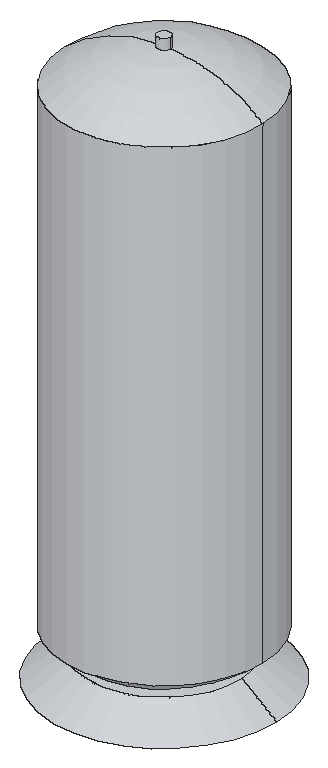
Revit family "M_Reservatório de expansão - Independente - Vertical", category Equipamento mecânico, Revit 2019
Family settings
  Cota do conector redondo = Usar raio
  Tipo de parte = Normal
  Número OmniClass = 23.75.70.11.14
  Título OmniClass = Expansion Vessels
  ID de item do Seek = Expansion Tank - Freestanding  - Vertical-0000-CAN-ENU
  Com base no plano de trabalho = Não
  Sempre na vertical = Sim
  Corte com vazios quando carregada = Não
  Compartilhado = Não
  Ponto de cálculo do ambiente = Não
Parameters (values of type "122 L")
  Fluxo [instance] = 0.06 L/s
  Raio do reservatório = Diâmetro do reservatório / 2  # 195.5 mm
  Altura do reservatório = 1092 mm
  Diâmetro do reservatório = 391 mm
  Raio 2 = Diâmetro 2 / 2  # 222.5 mm
  Raio 1 = Diâmetro 1 / 2  # 152.5 mm
  Queda de pressão [instance] = 0.0 Pa
  Raio nominal = 12.5 mm
  Altura 3 = 51 mm
  Altura 2 = 953 mm
  Altura 1 = 70 mm
  Material do reservatório de expansão vertical independente = none
  Diâmetro 2 = 445 mm
  Diâmetro 1 = 305 mm
  Diâmetro nominal = Raio nominal * 2  # 25 mm
Types (9, lengths in mm): name | Raio do reservatório | Altura do reservatório | Diâmetro do reservatório | Raio 2 | Raio 1 | Altura 3 | Altura 2 | Altura 1 | Diâmetro 2 | Diâmetro 1
  (no name) | 195.5 | 1092 | 391 | 222.5 | 152.5 | 51 | 953 | 70 | 445 | 305
  76 L | 195.5 | 737 | 391 | 222.5 | 152.5 | 51 | 654 | 41 | 445 | 305
  122 L | 195.5 | 1092 | 391 | 222.5 | 152.5 | 51 | 953 | 70 | 445 | 305
  129 L | 279.5 | 641 | 559 | 266.5 | 114.5 | 51 | 584 | 29 | 533 | 229
  167 L | 279.5 | 803 | 559 | 266.5 | 246 | 89 | 708 | 48 | 533 | 492
  247 L | 279.5 | 1076 | 559 | 266.5 | 246 | 105 | 937 | 70 | 533 | 492
  A-327 L | 279.5 | 1480 | 559 | 266.5 | 246 | 105 | 1359 | 60 | 533 | 492
  B-327 L | 330 | 1089 | 660 | 266.5 | 246 | 105 | 1410 | 70 | 533 | 492
  452 L | 330 | 1470 | 660 | 266.5 | 246 | 105 | 1349 | 60 | 533 | 492
Reference planes
  plane 1 "Centro (Frente/Trás)": y = 0
  plane 2: z = 0
  plane 3 "Centro (Esquerda/Direita)": x = 0
  plane 4: z = 51
  plane 5: z = 25.5
  plane 6: z = 1117.5
  plane 7: z = 1047.5
  plane 8: z = 95.5
  plane 9: x = -195.5
  plane 10: x = 195.5
  plane 11: z = 1136.55
Forms (mm)
  Blend 1, solid, material <- "Material do reservatório de expansão vertical independente"
    base sketch origin (0, 0, 0) x (1, 0, 0) y (0, 1, 0)
      loop
        circle (0, 0) r 152.5
    top sketch origin (0, 0, 0) x (1, 0, 0) y (0, 1, 0)
      loop
        circle (0, 0) r 222.5
    from 51 to 0
  Revolve 2, solid, material <- "Material do reservatório de expansão vertical independente"
    sketch origin (0, 0, 0) x (1, 0, 0) y (0, 0, 1)
      loop
        line (-195.5, 1047.5) -> (-195.5, 95.5)
        arc (-195.5, 95.5) -> (-103.827, 43.528) -> (0, 25.5) r 308.002
        line (0, 25.5) -> (0, 1117.5)
        arc (0, 1117.5) -> (-103.827, 1099.472) -> (-195.5, 1047.5) r 308.002
      axis (0, 25.5) -> (0, 1117.5)
    angle from 0 to 360
  Extrusion 3, solid, material <- "Material do reservatório de expansão vertical independente"
    sketch origin (0, 0, 0) x (1, 0, 0) y (0, 1, 0)
      loop
        circle (0, 0) r 12.5
    from 1047.5 to 1136.55
Cuts and joins
  joined: Blend 1, Revolve 2, Extrusion 3
Dimensions and locks
  "Altura 3": plane 4 to plane 2
  equal spacing: plane 4, plane 5, plane 2
  "Altura do reservatório": plane 6 to plane 5
  "Altura 1": plane 6 to plane 7
  "Altura 1": plane 8 to plane 5
  "Raio do reservatório": plane 3 "Centro (Esquerda/Direita)" to plane 9
  "Raio do reservatório": plane 10 to plane 3 "Centro (Esquerda/Direita)"
  locked: plane 11 to plane 6 at 19.05
  "Raio 1": radius of Blend 1 sketch curve
  "Raio 2": radius of Blend 1 sketch curve
  "Raio nominal": radius of Extrusion 3 sketch curve
  aligned and locked: plane 1 "Centro (Frente/Trás)" to Blend 1 sketch curve  (x2)
  aligned and locked: plane 3 "Centro (Esquerda/Direita)" to Blend 1 sketch curve  (x2)
  aligned and locked: plane 2 to Blend 1
  aligned and locked: plane 4 to Blend 1
  aligned and locked: plane 8 to Revolve 2 sketch curve
  aligned and locked: plane 7 to Revolve 2 sketch curve
  aligned and locked: plane 5 to Revolve 2 sketch curve
  aligned and locked: plane 9 to Revolve 2 sketch curve  (x2)
  aligned and locked: plane 3 "Centro (Esquerda/Direita)" to Revolve 2 sketch curve  (x2)
  aligned and locked: plane 1 "Centro (Frente/Trás)" to Extrusion 3 sketch curve
  aligned and locked: plane 3 "Centro (Esquerda/Direita)" to Extrusion 3 sketch curve
  aligned and locked: plane 11 to Extrusion 3
  aligned and locked: Extrusion 3 to plane 7
Automatic sketch dimensions
  Revolve 2 sketch curve to plane 6 = 0 mm
  Revolve 2 sketch curve to Revolve 2 sketch curve = 101.6 mm
  Revolve 2 sketch curve to Revolve 2 sketch curve = 381 mm
Connectors
  piping at (0, 0, 1136.55), diameter 25, driven by "Raio nominal", driven by "Fluxo", driven by "Queda de pressão"
    settings: on cut or joined group of Blend 1, Revolve 2, Extrusion 3, index 1, connector inside diameter 25 mm, connector length 0 mm, flow factor 0, pipe flow 0.06 L/s, pressure drop 0.0 Pa, fitting loss kfactor 0, connector angle 0.00°, fixture units 0, engagement length 0 mm, angle of deflection 0.00°, flow configuration 0, flow direction 2, fitting loss method 0, system type 29, joint type 0, gender type 0, connector reference index -1, connector utility 0, adjustable connector no, is connector primary yes, connector description "Saída do reservatório"
